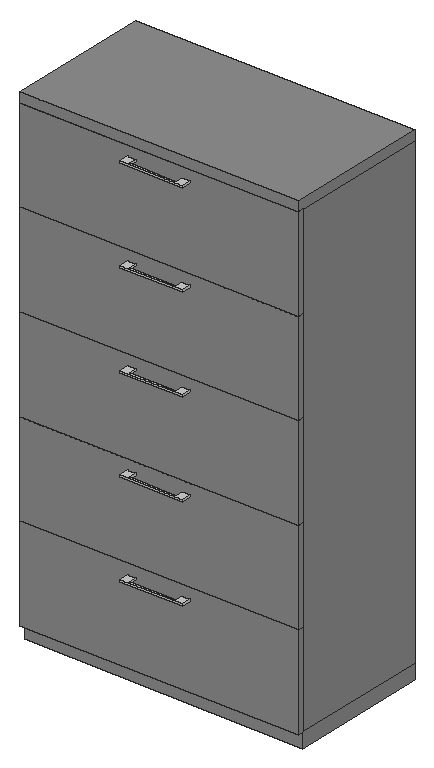
Revit family "Haworth_XSeries_LateralFile", category Furniture Systems, Revit 2019
Family settings
  Round Connector Dimension = Use Diameter
  Part Type = Normal
  OmniClass Number = 23.40.70.14.64.21
  OmniClass Title = Systems Furniture
  Work Plane-Based = No
  Always vertical = Yes
  Cut with Voids When Loaded = No
  Shared = No
  Room Calculation Point = No
Parameters (values of type "18d 36w 63h - Proud Style - Standard Drawer")
  Width = 36"
  Warranty = "https://cdn.shopify.com/s/files/1/0561/5304/7249/files/Haworth_North_America_Online_Warranty_2022.pdf?v=1660247284"
  URL - Product = "https://www.haworth.com/na/en/products/active-storage/x-series.html"
  URL = "http://www.haworth.com/"
  Two High = and(Actual # of Drawers = 2, not(One and One Half High))  # no
  Taper Pull = no
  Swing Doors_5 High Only = no
  Swing Door Width = Drawer Width / 2  # 17 15/16"
  Swing Door = and(Swing Doors_5 High Only, # of Drawers > 4)  # no
  Sustainability Info = "https://www.haworth.com/na/en/expertise/research/sustainability.html"
  Sliding Doors_5 High Only = no
  Sliding Door = and(Sliding Doors_5 High Only, # of Drawers > 4)  # no
  Size = "Verify Final Dim. w/ Haworth"  # constant formula
  Second Drawer Height = if(not(Drawer 5), (Cabinet Height - 1 1/4" - 1 7/8") / (Actual # of Drawers + 1), if(One and One Half High Actual, 6", (Cabinet Height - 1 1/4" - 1 7/8") / (Actual # of Drawers)))  # 12.075"
  Revision Number = "5"  # constant formula
  Receding Doors_5 High Only = no
  Receding Door = and(Receding Doors_5 High Only, # of Drawers > 4)  # no
  Radius Pull = no
  Pull Finish = Haworth _ Metal _ Brushed Aluminum
  Pull Classic = no
  Proud Style = not(Inset Style)  # yes
  Proud Offset = if(Proud Style, 3/4", 0")  # 3/4"
  One and One Half High Actual = and(# of Drawers = 2, One and One Half High)  # no
  One and One Half High = no
  Model = "JLRD"  # constant formula
  Min. Width = 29 7/8"  # constant formula
  Max. Width = 47 7/8"  # constant formula
  Min. Height = 27 1/2"  # constant formula
  Max. Height = 63 1/2"  # constant formula
  Manufacturer = "Haworth"  # constant formula
  Lockbar Finish [instance] = Haworth _ Paint _ Graphite
  Linear Pull = yes
  J Pull = no
  Inset Style = no
  Front Finish [instance] = Haworth _ Paint _ Graphite
  Ellipse Pull = no
  Drawer Width = if(Proud Style, Actual Width, Actual Width - 1 1/2")  # 35 7/8"
  Drawer Height = if(not(Drawer 5), (Cabinet Height - 1 1/4" - 1 7/8") / (Actual # of Drawers + 1), if(One and One Half High Actual, 12 3/16", (Cabinet Height - 1 1/4" - 1 7/8") / (Actual # of Drawers)))  # 12.075"
  Drawer 5 = not(and(or(Swing Doors_5 High Only, Sliding Doors_5 High Only, Receding Doors_5 High Only), # of Drawers > 4))  # yes
  Drawer 4 = Actual # of Drawers > 3  # yes
  Drawer 3 = Actual # of Drawers > 2  # yes
  Description = "Haworth XSeries Lateral File"  # constant formula
  Custom Size = not(or(Width = 30", Width = 36", Width = 42"))  # no
  Crescent Pull = no
  Cabinet Height = if(Two High, 27 1/2", if(One and One Half High Actual, 21 1/2", if(Actual # of Drawers = 3, 39 1/2", if(and(# of Drawers > 4, not(Drawer 5)), 63 1/2", if(Actual # of Drawers = 4, 51 1/2", 63 1/2")))))  # 63 1/2"
  Cabinet Finish [instance] = Haworth _ Paint _ Graphite
  Author = "Haworth (Hampton), SHAPE Environments, LLC"  # constant formula
  Assembly Code = "E2020200"
  Actual Width = if(Width < Min. Width, Min. Width, if(Width > Max. Width, Max. Width, Width - 1/8"))  # 35 7/8"
  Actual Height = Cabinet Height  # 63 1/2"
  Actual # of Drawers = if(# of Drawers < 2, 2, if(and(# of Drawers > 4, not(Drawer 5)), 4, if(# of Drawers > 5, 5, # of Drawers)))  # 5
  Actual Depth = if(Inset Style, 18", 18 3/4")  # 18 3/4"
  Standard Widths = "30, 36, 42 in."  # constant formula
  Max # of Drawers = 5  # constant formula
  # of Drawers = 5
Types (11): name | Two High | Swing Doors_5 High Only | Swing Door Width | Swing Door | Sliding Doors_5 High Only | Sliding Door | Second Drawer Height | Receding Doors_5 High Only | Receding Door | Proud Style | Proud Offset | Inset Style | Drawer Width | Drawer Height | Drawer 5 | Drawer 4 | Drawer 3 | Cabinet Height | Actual Height | Actual # of Drawers | Actual Depth | # of Drawers
  18d 36w 51h - Inset Style | no | no | 17 3/16" | no | no | no | 12 3/32" | no | no | no | 0" | yes | 34 3/8" | 12 3/32" | yes | yes | yes | 51 1/2" | 51 1/2" | 4 | 18" | 4
  18d 36w 39h - Inset Style | no | no | 17 3/16" | no | no | no | 12 1/8" | no | no | no | 0" | yes | 34 3/8" | 12 1/8" | yes | no | yes | 39 1/2" | 39 1/2" | 3 | 18" | 3
  18d 36w 27h - Inset Style | yes | no | 17 3/16" | no | no | no | 12 3/16" | no | no | no | 0" | yes | 34 3/8" | 12 3/16" | yes | no | no | 27 1/2" | 27 1/2" | 2 | 18" | 2
  18d 36w 63h - Inset Style - Standard Drawer | no | no | 17 3/16" | no | no | no | 12.075" | no | no | no | 0" | yes | 34 3/8" | 12.075" | yes | yes | yes | 63 1/2" | 63 1/2" | 5 | 18" | 5
  18d 36w 63h - Inset Style - Receding Door | no | no | 17 3/16" | no | no | no | 12.075" | yes | yes | no | 0" | yes | 34 3/8" | 12.075" | no | yes | yes | 63 1/2" | 63 1/2" | 4 | 18" | 5
  18d 36w 63h - Inset Style - Sliding Doors | no | no | 17 3/16" | no | yes | yes | 12.075" | no | no | no | 0" | yes | 34 3/8" | 12.075" | no | yes | yes | 63 1/2" | 63 1/2" | 4 | 18" | 5
  18d 36w 27h - Proud Style | yes | no | 17 15/16" | no | no | no | 12 3/16" | no | no | yes | 3/4" | no | 35 7/8" | 12 3/16" | yes | no | no | 27 1/2" | 27 1/2" | 2 | 18 3/4" | 2
  18d 36w 39h - Proud Style | no | no | 17 15/16" | no | no | no | 12 1/8" | no | no | yes | 3/4" | no | 35 7/8" | 12 1/8" | yes | no | yes | 39 1/2" | 39 1/2" | 3 | 18 3/4" | 3
  18d 36w 51h - Proud Style | no | no | 17 15/16" | no | no | no | 12 3/32" | no | no | yes | 3/4" | no | 35 7/8" | 12 3/32" | yes | yes | yes | 51 1/2" | 51 1/2" | 4 | 18 3/4" | 4
  18d 36w 63h - Proud Style - Standard Drawer | no | no | 17 15/16" | no | no | no | 12.075" | no | no | yes | 3/4" | no | 35 7/8" | 12.075" | yes | yes | yes | 63 1/2" | 63 1/2" | 5 | 18 3/4" | 5
  18d 36w 63h - Proud Style - Hinged Doors | no | yes | 17 15/16" | yes | no | no | 12.075" | no | no | yes | 3/4" | no | 35 7/8" | 12.075" | no | yes | yes | 63 1/2" | 63 1/2" | 4 | 18 3/4" | 5
Reference planes (in)
  plane 1 "Back": y = 0
  plane 2: z = 0
  plane 3 "Center L/R": x = 0
  plane 4 "Left": x = -17.9375
  plane 5 "Right": x = 17.9375
  plane 6 "Back of Drawer": y = -18
  plane 7 "Front": y = -18.75
  plane 8 "Top": z = 63.5
  plane 9 "Bottom of Top": z = 62.25
  plane 10 "Bottom of Cabinet": z = 0
  plane 11 "feet back": y = -0.75
  plane 12 "feet front": y = -16
  plane 13 "Feet Right": x = 15.9375
  plane 14 "Feet Left": x = -15.9375
  plane 15 "Bottom Drawer": z = 1.875
  plane 16 "Left Inside": x = -17.1875
  plane 17 "Right Inside": x = 17.1875
  plane 18: y = -18
  plane 19 "Center F/B": y = -9
Forms (in)
  Extrusion 1, solid, material "Haworth _ Paint _ Graphite" <- "Cabinet Finish"
    sketch origin (114.68227, -6.06265, 0) x (1, 0, 0) y (0, 1, 0)
      loop
        line (-132.61977, 6.06265) -> (-132.61977, -11.93735) -> (-131.86977, -11.93735) -> (-131.86977, 5.31265) -> (-97.49477, 5.31265) -> (-97.49477, -11.93735) -> (-96.74477, -11.93735) -> (-96.74477, 6.06265) -> (-132.61977, 6.06265)
    from 1.875 to 62.25
  Extrusion 2, solid, material "Haworth _ Paint _ Graphite" <- "Cabinet Finish"
    sketch origin (0, 0, 0) x (1, 0, 0) y (0, 1, 0)
      loop
        line (-17.9375, 0) -> (-17.9375, -18.75) -> (17.9375, -18.75) -> (17.9375, 0) -> (-17.9375, 0)
    from 62.25 to 63.5
  Extrusion 3, solid, material "Haworth _ Paint _ Graphite" <- "Cabinet Finish"
    sketch origin (0, 0, -18.75) x (1, 0, 0) y (0, 1, 0)
      loop
        line (-17.9375, 0) -> (-17.9375, -18) -> (17.9375, -18) -> (17.9375, 0) -> (-17.9375, 0)
    from 18.75 to 20.625
Lines and regions (in)
  Masking region 1
    outline origin (0, 0, 0) x (1, 0, 0) y (0, 1, 0)
      loop
        line (-17.9375, 0) -> (-17.9375, -18.75) -> (17.9375, -18.75) -> (17.9375, 0) -> (-17.9375, 0)
Dimensions and locks (in)
  locked: plane 6 "Back of Drawer" to plane 7 "Front" at 0.75
  "Actual Depth": plane 1 "Back" to plane 7 "Front"
  "Actual Width": plane 4 "Left" to plane 5 "Right"
  locked: plane 8 "Top" to plane 9 "Bottom of Top" at 1.25
  equal spacing: plane 4 "Left", plane 3 "Center L/R", plane 5 "Right"
  locked: plane 13 "Feet Right" to plane 5 "Right" at 2
  locked: plane 4 "Left" to plane 14 "Feet Left" at 2
  locked: plane 12 "feet front" to plane 6 "Back of Drawer" at 2
  locked: plane 1 "Back" to plane 11 "feet back" at 0.75
  locked: plane 15 "Bottom Drawer" to plane 10 "Bottom of Cabinet" at 1.875
  "Actual Height": plane 8 "Top" to level
  "Cabinet Height": plane 8 "Top" to plane 10 "Bottom of Cabinet"
  locked: plane 16 "Left Inside" to plane 4 "Left" at 0.75
  locked: plane 5 "Right" to plane 17 "Right Inside" at 0.75
  "Proud Offset": plane 18 to plane 7 "Front"
  equal spacing: plane 18, plane 19 "Center F/B", plane 1 "Back"
  aligned and locked: plane 1 "Back" to Extrusion 1 sketch curve
  aligned and locked: Extrusion 1 to plane 4 "Left"
  aligned and locked: Extrusion 1 to plane 5 "Right"
  aligned and locked: plane 9 "Bottom of Top" to Extrusion 1
  aligned and locked: plane 4 "Left" to Extrusion 2 sketch curve
  aligned and locked: plane 1 "Back" to Extrusion 2 sketch curve
  aligned and locked: plane 5 "Right" to Extrusion 2 sketch curve
  aligned and locked: plane 7 "Front" to Extrusion 2 sketch curve
  aligned and locked: plane 8 "Top" to Extrusion 2
  aligned and locked: Extrusion 2 to plane 9 "Bottom of Top"
  aligned and locked: plane 3 "Center L/R" to nested 1
  aligned and locked: nested 1 to plane 6 "Back of Drawer"
  aligned and locked: level to plane 2
  aligned and locked: plane 15 "Bottom Drawer" to nested 1
  aligned and locked: plane 5 "Right" to Extrusion 1 sketch curve
  aligned and locked: plane 4 "Left" to Extrusion 1 sketch curve
  aligned and locked: Extrusion 1 sketch curve to plane 18  (x2)
  aligned and locked: Extrusion 1 sketch curve to plane 16 "Left Inside"
  aligned and locked: Extrusion 1 sketch curve to plane 17 "Right Inside"
  aligned and locked: Extrusion 1 to plane 15 "Bottom Drawer"
  aligned and locked: plane 10 "Bottom of Cabinet" to Extrusion 3
  aligned and locked: plane 15 "Bottom Drawer" to Extrusion 3
  aligned and locked: plane 4 "Left" to Extrusion 3 sketch curve
  aligned and locked: plane 5 "Right" to Extrusion 3 sketch curve
  aligned and locked: plane 6 "Back of Drawer" to Extrusion 3 sketch curve
  aligned and locked: plane 1 "Back" to Extrusion 3 sketch curve
  aligned and locked: Masking region 1 sketch curve to Extrusion 2  (x2)
  aligned and locked: Extrusion 2 to Masking region 1 sketch curve
  aligned and locked: nested 1 to nested 2
  aligned and locked: nested 3 to plane 6 "Back of Drawer"
  aligned and locked: plane 9 "Bottom of Top" to nested 3
  aligned: plane 3 "Center L/R" to nested 3
  aligned and locked: nested 3 to plane 3 "Center L/R"
  aligned and locked: nested 4 to plane 9 "Bottom of Top"
  aligned and locked: nested 4 to plane 3 "Center L/R"
  aligned and locked: plane 9 "Bottom of Top" to nested 5
  aligned and locked: plane 3 "Center L/R" to nested 5
  aligned and locked: plane 6 "Back of Drawer" to nested 5
  aligned and locked: plane 3 "Center L/R" to nested 6
  aligned and locked: plane 9 "Bottom of Top" to nested 6
  aligned and locked: Extrusion 1 to plane 11 "feet back"
  aligned and locked: plane 3 "Center L/R" to nested 7
  aligned and locked: plane 3 "Center L/R" to nested 2
  aligned and locked: plane 3 "Center L/R" to nested 8
  aligned and locked: nested 8 to plane 7 "Front"
  aligned and locked: nested 7 to plane 7 "Front"
  aligned and locked: nested 2 to plane 7 "Front"
  aligned and locked: nested 6 to plane 7 "Front"
  aligned and locked: plane 7 "Front" to nested 4
  aligned and locked: plane 3 "Center L/R" to nested 9
  aligned and locked: plane 9 "Bottom of Top" to nested 9
  aligned and locked: nested 9 to plane 7 "Front"
Automatic sketch dimensions
  plane 1 "Back" to Extrusion 1 sketch curve = 3/4"
  plane 1 "Back" to Masking region 1 sketch curve = 0"
Nested families (in)
  nested 1: "Haworth_Drawer" at (0, -18, 1.875), Drawer Height <- "Drawer Height", type "Haworth_Drawer"
    with J Pull Drawer no, Drawer Height 12.075", Pull Linear yes, Pull Height 1 7/16", Pull Ellipse no, Drawer Width 35 7/8"
  nested 2: "Haworth_Drawer" at (0, -18, 13.95), Drawer Height <- "Second Drawer Height", type "Haworth_Drawer 2"
    with J Pull Drawer no, Drawer Height 12.075", Pull Linear yes, Pull Height 1 7/16", Pull Ellipse no, Drawer Width 35 7/8"
  nested 3: "Haworth_Drawer" at (-8.96875, -18, 50.175), Drawer Height <- "Drawer Height", visible <- "Swing Door", type "Swing Doors"
    with J Pull Drawer no, Drawer Height 12.075", Pull Linear yes, Pull Height 1 7/16", Pull Ellipse no, Drawer Width 17 15/16"
  nested 4: "Haworth_Drawer" at (8.96875, -18, 50.175) x (-1, 0, 0) z (0, 0, 1), Drawer Height <- "Drawer Height", visible <- "Swing Door", type "Swing Doors"
    with J Pull Drawer no, Drawer Height 12.075", Pull Linear yes, Pull Height 1 7/16", Pull Ellipse no, Drawer Width 17 15/16"
  nested 5: "Haworth_Storage-Doors" at (-2.20902, -19.25, 50.175), visible <- "Sliding Door", type "Haworth_Storage-Doors"
    with Door Width 18 7/16", Actual Width 35 7/8", Actual Height 12.075"
  nested 6: "Haworth_Drawer-Receding" at (0, -18, 50.175), Drawer Height <- "Second Drawer Height", visible <- "Receding Door", type "Haworth_Drawer"
    with J Pull Drawer no, Drawer Height 12.075", J Pull no, Drawer Width 35 7/8", Flush Drawer yes
  nested 7: "Haworth_Drawer" at (0, -18, 26.025), Drawer Height <- "Drawer Height", visible <- "Drawer 3", type "Haworth_Drawer"
    with J Pull Drawer no, Drawer Height 12.075", Pull Linear yes, Pull Height 1 7/16", Pull Ellipse no, Drawer Width 35 7/8"
  nested 8: "Haworth_Drawer" at (0, -18, 38.1), Drawer Height <- "Drawer Height", visible <- "Drawer 4", type "Haworth_Drawer"
    with J Pull Drawer no, Drawer Height 12.075", Pull Linear yes, Pull Height 1 7/16", Pull Ellipse no, Drawer Width 35 7/8"
  nested 9: "Haworth_Drawer" at (0, -18, 50.175), Drawer Height <- "Drawer Height", visible <- "Drawer 5", type "Haworth_Drawer"
    with J Pull Drawer no, Drawer Height 12.075", Pull Linear yes, Pull Height 1 7/16", Pull Ellipse no, Drawer Width 35 7/8"
Definition of nested family "Haworth_Drawer"
  Parameters
    Pull Taper = no
    Pull Radius = no
    Pull Patterns = no
    Pull Linear = no
    Pull Height = if(Pull Ellipse, 11/64", if(Pull Radius, 1 3/16", if(Pull Taper, 3/4", 1 7/16")))  # 11/64"
    Pull Finish = none
    Pull Ellipse = yes
    Pull Crescent = no
    Pull Classic = no
    J Pull Drawer [instance] = J Pull  # no
    J Pull = no
    Integral Pull Location = if(Integral Pull, 3 5/8", 1")  # 1"
    Integral Pull = no
    Front Finish = none
    Drawer Width = 14 7/8"
    Flush Drawer = not(J Pull)  # yes
    Drawer Height [instance] = 12"
    Drawer Finish = none
    Assembly Code = ""
  Reference planes (in)
    plane 1 "Drawer Back": y = 0
    plane 2: z = 0
    plane 3 "Center L/R": x = 0
    plane 4 "Drawer Front": y = -0.75
    plane 5 "Left": x = -7.4375
    plane 6 "Right": x = 7.4375
    plane 7 "Top": z = 12
    plane 8: y = -4
    plane 9: y = -3
    plane 10 "Integral Top": z = 11.54688
    plane 11 "Pull Location": z = 11.82813
    plane 12 "Integral Bottom": z = 12.10937
  Forms (in)
    Extrusion 1, solid, material <- "Drawer Finish", visible <- "J Pull Drawer"
      sketch origin (-7.4375, 0, 0) x (0, 1, 0) y (0, 0, 1)
        loop
          line (0, 12) -> (-0.25, 12) -> (-0.25, 11.4375) -> (-0.75, 11.4375) -> (-0.75, 0) -> (0, 0) -> (0, 12)
      from 0 to 14.875
    Extrusion 2, solid, material <- "Drawer Finish", visible <- "Flush Drawer"
      sketch origin (-7.4375, 0, 2.25) x (0, 1, 0) y (0, 0, 1)
        loop
          line (0, 9.75) -> (-0.75, 9.75) -> (-0.75, -2.25) -> (0, -2.25) -> (0, 9.75)
      from 0 to 14.875
    Extrusion 3, void
      sketch origin (0, -0.75, 0) x (-1, 0, 0) y (0, 0, 1)
        loop
          line (4, 11.54688) -> (4, 12.10937) -> (-4, 12.10937) -> (-4, 11.54688) -> (4, 11.54688)
      from -3.25 to -2.25
  Cuts and joins
    Extrusion 3 cuts Extrusion 1
    Extrusion 3 cuts Extrusion 2
  Dimensions and locks (in)
    equal spacing: plane 5 "Left", plane 3 "Center L/R", plane 6 "Right"
    "Drawer Width": plane 5 "Left" to plane 6 "Right"
    locked: plane 1 "Drawer Back" to plane 4 "Drawer Front" at 0.75
    "Drawer Height": plane 7 "Top" to level
    locked: plane 8 to plane 1 "Drawer Back" at 4
    "Integral Pull Location": plane 8 to plane 9
    equal spacing: Extrusion 3 sketch curve, plane 3 "Center L/R", Extrusion 3 sketch curve
    locked: Extrusion 3 sketch curve to Extrusion 3 sketch curve at 8
    "Pull Height": plane 7 "Top" to plane 11 "Pull Location"
    equal spacing: plane 12 "Integral Bottom", plane 11 "Pull Location", plane 10 "Integral Top"
    locked: plane 12 "Integral Bottom" to plane 10 "Integral Top" at 0.5625
    aligned and locked: Extrusion 1 sketch curve to plane 1 "Drawer Back"
    aligned and locked: Extrusion 1 sketch curve to plane 2
    aligned and locked: Extrusion 1 sketch curve to plane 4 "Drawer Front"
    aligned and locked: Extrusion 1 to plane 6 "Right"
    aligned and locked: Extrusion 2 to plane 6 "Right"
    aligned and locked: plane 1 "Drawer Back" to Extrusion 2 sketch curve
    aligned and locked: plane 7 "Top" to Extrusion 2 sketch curve
    aligned and locked: level to Extrusion 2 sketch curve
    aligned and locked: Extrusion 2 sketch curve to plane 4 "Drawer Front"
    aligned: plane 7 "Top" to nested 1
    aligned: Extrusion 3 to plane 8
    aligned: plane 9 to Extrusion 3
    aligned and locked: nested 1 to plane 4 "Drawer Front"
    aligned and locked: plane 12 "Integral Bottom" to Extrusion 3 sketch curve
    aligned and locked: nested 1 to plane 11 "Pull Location"
    aligned and locked: plane 3 "Center L/R" to nested 1
    aligned and locked: plane 9 to Extrusion 3
  Automatic sketch dimensions
    Extrusion 1 sketch curve to plane 7 "Top" = 0"
    plane 1 "Drawer Back" to Extrusion 1 sketch curve = 1/4"
    Extrusion 1 sketch curve to Extrusion 1 sketch curve = 9/16"
    Extrusion 3 sketch curve to plane 10 "Integral Top" = 0"
  Nested families (in)
    nested 1: "Haworth_Drawer-Pulls" at (0, -0.75, 11.82813), type "Pull", detail levels medium+fine
      with Linear no, Ellipse yes
  Definition of nested family "Haworth_Drawer-Pulls"
    Parameters
      Taper = no
      Radius = no
      Patterns = no
      Linear = yes
      Handle Finish = none
      Ellipse = no
      Cresent = no
      Classic = no
      Assembly Code = ""
    Reference planes (in)
      plane 1 "Center Front/Back": y = 0
      plane 2: z = 0
      plane 3 "Center Left/Right": x = 0
    Forms (in)
      Extrusion 1, solid, material <- "Handle Finish", visible <- "Ellipse"
        sketch origin (0, 0, 0.15915) x (0, 1, 0) y (0, 0, 1)
          loop
            arc (-0.03015, 0) -> (-0.26713, -0.02983) -> (-0.49038, -0.11475) r 1.00501
            arc (-0.49038, -0.11475) -> (-0.65216, -0.22112) -> (-0.78985, -0.35725) r 0.97894
            arc (-0.78985, -0.35725) -> (-0.87314, -0.47263) -> (-0.94033, -0.59807) r 1.0667
            arc (-0.94033, -0.59807) -> (-0.90977, -0.66145) -> (-0.84562, -0.63254) r 0.05041
            arc (-0.84562, -0.63254) -> (-0.67669, -0.39049) -> (-0.44702, -0.20509) r 1.04885
            arc (-0.44702, -0.20509) -> (-0.35012, -0.16094) -> (-0.24858, -0.12892) r 0.8735
            arc (-0.24858, -0.12892) -> (-0.16053, -0.15188) -> (-0.11419, -0.23018) r 0.11948
            arc (-0.11419, -0.23018) -> (-0.0664, -0.27738) -> (0, -0.26729) r 0.07488
            line (0, -0.26729) -> (0, -0.05102) -> (-0.03015, 0)
        from -6.51863 to 6.51698
      Extrusion 2, void
        sketch origin (0, 0, 0.15915) x (1, 0, 0) y (0, 1, 0)
          loop
            line (-6.49996, 0) -> (-6.67266, 0) -> (-6.67266, -1.11616) -> (6.67266, -1.11616) -> (6.67266, 0) -> (6.49996, 0)
            arc (6.49996, 0) -> (6.46575, -0.17809) -> (6.37201, -0.33332) r 0.51574
            arc (6.37201, -0.33332) -> (6.23583, -0.44508) -> (6.07096, -0.50713) r 0.54076
            arc (6.07096, -0.50713) -> (4.5721, -0.7479) -> (3.05951, -0.87689) r 20.46435
            arc (3.05951, -0.87689) -> (0, -0.95029) -> (-3.05951, -0.87689) r 63.79827
            arc (-3.05951, -0.87689) -> (-4.5721, -0.7479) -> (-6.07096, -0.50713) r 20.46435
            arc (-6.07096, -0.50713) -> (-6.23583, -0.44508) -> (-6.37201, -0.33332) r 0.54076
            arc (-6.37201, -0.33332) -> (-6.46575, -0.17809) -> (-6.49996, 0) r 0.51574
        from 0 to -0.90865
      Blend 3, solid, material <- "Handle Finish", visible <- "Radius"
        base sketch origin (0, 0, 0.3125) x (0, 1, 0) y (0, 0, -1)
          loop
            line (0, 0) -> (0, 0.625) -> (-0.40339, 0.625)
            arc (-0.40339, 0.625) -> (-0.71589, 0.3125) -> (-0.40339, 0) r 0.3125
            line (-0.40339, 0) -> (0, 0)
        top sketch origin (0, 0, 0.3125) x (0, 1, 0) y (0, 0, -1)
          loop
            line (0, 0) -> (0, 0.625) -> (-0.77884, 0.625)
            arc (-0.77884, 0.625) -> (-1.09134, 0.3125) -> (-0.77884, 0) r 0.3125
            line (-0.77884, 0) -> (0, 0)
        from -4.875 to -3.625
      Sweep 4, solid, material <- "Handle Finish", visible <- "Radius"
        path origin (0, 0, 0) x (1, 0, 0) y (0, 1, 0)
          loop
            arc (-4.875, -0.71589) -> (0, -1.5425) -> (4.875, -0.71589) r 14.78881
        profile origin (0, -1.5425, 0) x (0, 1, 0) y (0, 0, 1)
          loop
            circle (0.3125, 0) r 0.30469
      Extrusion 5, solid, material <- "Handle Finish", visible <- "Taper"
        sketch origin (0, 0, 0.27281) x (0, 1, 0) y (0, 0, 1)
          loop
            line (0, 0) -> (-0.875, 0)
            arc (-0.875, 0) -> (-0.96339, -0.03661) -> (-1, -0.125) r 0.125
            line (-1, -0.125) -> (-1, -0.7) -> (-0.96886, -0.7) -> (-0.96886, -0.1251)
            arc (-0.96886, -0.1251) -> (-0.94137, -0.05874) -> (-0.875, -0.03125) r 0.09386
            line (-0.875, -0.03125) -> (-0.03125, -0.03125) -> (-0.03125, -0.53) -> (0, -0.53) -> (0, 0)
        from -6.5565 to 6.5565
      Extrusion 6, void
        sketch origin (0, 0, 0.27281) x (1, 0, 0) y (0, 0, 1)
          loop
            arc (-5.23353, -0.7191) -> (-5.99714, -0.52453) -> (-6.57454, 0.01172) r 1.59575
            line (-6.57454, 0.01172) -> (-6.85981, 0.01172) -> (-6.85981, -1) -> (6.85981, -1) -> (6.85981, 0.01172) -> (6.57454, 0.01172)
            arc (6.57454, 0.01172) -> (5.99714, -0.52453) -> (5.23353, -0.7191) r 1.59575
            line (5.23353, -0.7191) -> (-5.23353, -0.7191)
        from 0 to 2.20115
      Sweep 7, solid, material <- "Handle Finish", visible <- "Cresent"
        path origin (0, 0, 0.125) x (1, 0, 0) y (0, 1, 0)
          loop
            arc (-3.80272, 0.04) -> (0, -1.24998) -> (3.80273, 0.04) r 6.25
        profile origin (0, -1.24998, 0.125) x (0, 1, 0) y (0, 0, 1)
          loop
            circle (0.125, -0.125) r 0.125
      Extrusion 8, void
        sketch origin (0, 0, 0.125) x (1, 0, 0) y (0, 1, 0)
          loop
            line (-3.94545, 0) -> (3.94399, 0) -> (3.94399, 0.32073) -> (-3.94545, 0.32073) -> (-3.94545, 0)
        from 0.03472 to -0.28458
      Extrusion 9, solid, material <- "Handle Finish", visible <- "Linear"
        sketch origin (0, 0, 0.125) x (1, 0, 0) y (0, 1, 0)
          loop
            line (-4, 0) -> (-4, -1.25) -> (4, -1.25) -> (4, 0) -> (3, 0) -> (3, -1) -> (-3, -1) -> (-3, 0) -> (-4, 0)
        from 0 to -0.25
      Extrusion 10, solid, material <- "Handle Finish", visible <- "Classic"
        sketch origin (0, 0, 0.375) x (1, 0, 0) y (0, 0, 1)
          loop
            line (-3.375, 0) -> (-3.375, -0.75)
            arc (-3.375, -0.75) -> (-3, -0.375) -> (-3.375, 0) r 0.375
        from 0 to 1
      Extrusion 11, solid, material <- "Handle Finish", visible <- "Classic"
        sketch origin (0, 0, 0.375) x (-1, 0, 0) y (0, 0, -1)
          loop
            arc (-3.375, 0) -> (-3, 0.375) -> (-3.375, 0.75) r 0.375
            line (-3.375, 0.75) -> (-3.375, 0)
        from 0 to 1
      Extrusion 12, solid, material <- "Handle Finish", visible <- "Classic"
        sketch origin (0, 0, 0.375) x (1, 0, 0) y (0, 0, 1)
          loop
            line (-3.375, 0) -> (-3.375, -0.75) -> (3.375, -0.75) -> (3.375, 0) -> (-3.375, 0)
        from 1 to 1.25
      Blend 13, solid, material <- "Handle Finish", visible <- "Radius"
        base sketch origin (0, 0, 0.3125) x (0, 1, 0) y (0, 0, 1)
          loop
            line (0, 0) -> (-0.40339, 0)
            arc (-0.40339, 0) -> (-0.71589, -0.3125) -> (-0.40339, -0.625) r 0.3125
            line (-0.40339, -0.625) -> (0, -0.625) -> (0, 0)
        top sketch origin (0, 0, 0.3125) x (0, 1, 0) y (0, 0, 1)
          loop
            line (0, 0) -> (-0.77884, 0)
            arc (-0.77884, 0) -> (-1.09134, -0.3125) -> (-0.77884, -0.625) r 0.3125
            line (-0.77884, -0.625) -> (0, -0.625) -> (0, 0)
        from -4.875 to -3.625
      Extrusion 14, solid, material <- "Handle Finish", visible <- "Patterns"
        sketch origin (0, 0, 0.27281) x (0, 1, 0) y (0, 0, 1)
          loop
            line (0, 0) -> (-0.875, 0)
            arc (-0.875, 0) -> (-0.96339, -0.03661) -> (-1, -0.125) r 0.125
            line (-1, -0.125) -> (-1, -0.7) -> (-0.96886, -0.7) -> (-0.96886, -0.1251)
            arc (-0.96886, -0.1251) -> (-0.94137, -0.05874) -> (-0.875, -0.03125) r 0.09386
            line (-0.875, -0.03125) -> (-0.03125, -0.03125) -> (-0.03125, -0.53) -> (0, -0.53) -> (0, 0)
        from -4 to 4
    Cuts and joins
      Extrusion 2 cuts Extrusion 1
      joined: Extrusion 10, Extrusion 11, Extrusion 12
      Extrusion 6 cuts Extrusion 5
      Extrusion 8 cuts Sweep 7
      joined: Blend 3, Sweep 4, Blend 13
Definition of nested family "Haworth_Storage-Doors"
  Parameters
    Width = 0"
    Warranty = ""
    Sliding Door = yes
    URL - Product = ""
    URL = "www.haworth.com"
    Sustainability Info = ""
    Size = "Verify Final Dim. w/ Haworth"  # constant formula
    Revision Number = ""
    Pull Location = 2"
    Pull Finish = none
    Panel Thickness = 1"
    Overlap = 1"
    OmniClass Number = ""
    Min/Max Width = ""
    Min/Max Height = ""
    Min. Width = 0"
    Max. Width = 0"
    Min. Height = 0"
    Max. Height = 0"
    Material Options = ""
    Manufacturer = "Haworth"  # constant formula
    LEED Data = ""
    Height = 0"
    Flip Door = no
    Door Width = ((Actual Width) / 2) + (Overlap / 2)  # 26 1/2"
    Door Finish = none
    Author = "SHAPE Environments, LLC"  # constant formula
    Assembly Code = ""
    Actual Width = 52"
    Actual Height = 8"
  Reference planes (in)
    plane 1 "Center F/B": y = 0
    plane 2: z = 0
    plane 3 "Center L/R": x = 2.20902
    plane 4 "Bottom": z = 0
    plane 5 "Top": z = 8
    plane 6 "Left": x = -23.79098
    plane 7 "Right": x = 28.20902
    plane 8 "Left Pull": x = -21.79098
    plane 9 "Right Panel Left Limit": x = 1.70902
    plane 10 "Left Panel Right Limit": x = 2.70902
    plane 11 "Right Pull": x = 26.20902
    plane 12 "Outer Top": z = 9
    plane 13 "Outer Bottom": z = -1
    plane 14 "Outer Left": x = -24.79098
    plane 15 "Outer Right": x = 29.20902
    plane 16 "RearSlidingSurface": y = 1
    plane 17 "Handle Center": z = 4
    plane 18 "FrontSlidingSurface": y = 0.75
  Forms (in)
    Extrusion 1, solid, material <- "Door Finish", visible <- "Sliding Door"
      sketch origin (-5.83785, 0.25, -31.75) x (-1, 0, 0) y (0, 0, 1)
        loop
          line (-7.54688, 39.75) -> (-34.04688, 39.75) -> (-34.04688, 31.75) -> (-7.54688, 31.75) -> (-7.54688, 39.75)
      from 1 to 0.75
    Extrusion 2, solid, material <- "Door Finish", visible <- "Sliding Door"
      sketch origin (-19.83785, 0.25, -31.75) x (-1, 0, 0) y (0, 0, 1)
        loop
          line (3.95312, 39.75) -> (-22.54687, 39.75) -> (-22.54687, 31.75) -> (3.95312, 31.75) -> (3.95312, 39.75)
      from 0.5 to 0.75
    Extrusion 3, solid, material <- "Door Finish", visible <- "Flip Door"
      sketch origin (0, 0, 0) x (1, 0, 0) y (0, 0, 1)
        loop
          line (-24.79098, 9) -> (-24.79098, -1) -> (29.20902, -1) -> (29.20902, 9) -> (-24.79098, 9)
      from 0 to 1
  Dimensions and locks (in)
    "Actual Width": plane 7 "Right" to plane 6 "Left"
    equal spacing: plane 7 "Right", plane 3 "Center L/R", plane 6 "Left"
    "Actual Height": plane 5 "Top" to plane 4 "Bottom"
    "Pull Location": plane 8 "Left Pull" to plane 6 "Left"
    "Pull Location": plane 7 "Right" to plane 11 "Right Pull"
    "Panel Thickness": plane 12 "Outer Top" to plane 5 "Top"
    "Panel Thickness": level to plane 13 "Outer Bottom"
    "Panel Thickness": plane 6 "Left" to plane 14 "Outer Left"
    "Panel Thickness": plane 15 "Outer Right" to plane 7 "Right"
    locked: plane 1 "Center F/B" to plane 16 "RearSlidingSurface" at 1
    equal spacing: plane 5 "Top", plane 17 "Handle Center", level
    "Door Width": plane 6 "Left" to plane 10 "Left Panel Right Limit"
    "Door Width": plane 9 "Right Panel Left Limit" to plane 7 "Right"
    plane 9 "Right Panel Left Limit" to plane 10 "Left Panel Right Limit" = 1"
    locked: plane 18 "FrontSlidingSurface" to plane 16 "RearSlidingSurface" at 0.25
    aligned and locked: plane 5 "Top" to Extrusion 2
    aligned and locked: Extrusion 2 to plane 4 "Bottom"
    aligned and locked: plane 5 "Top" to Extrusion 1
    aligned and locked: Extrusion 1 to plane 4 "Bottom"
    aligned and locked: plane 10 "Left Panel Right Limit" to Extrusion 2
    aligned and locked: Extrusion 1 to plane 9 "Right Panel Left Limit"
    aligned and locked: plane 14 "Outer Left" to Extrusion 3 sketch curve
    aligned and locked: Extrusion 3 sketch curve to plane 12 "Outer Top"
    aligned and locked: plane 13 "Outer Bottom" to Extrusion 3 sketch curve
    aligned and locked: Extrusion 3 sketch curve to plane 15 "Outer Right"
    aligned and locked: plane 8 "Left Pull" to nested 1
    aligned and locked: plane 11 "Right Pull" to nested 2
    aligned: plane 17 "Handle Center" to nested 1
    aligned: plane 16 "RearSlidingSurface" to nested 1
    aligned and locked: plane 16 "RearSlidingSurface" to nested 2
    aligned and locked: plane 18 "FrontSlidingSurface" to nested 1
    aligned and locked: plane 17 "Handle Center" to nested 1
    aligned and locked: plane 17 "Handle Center" to nested 2
  Automatic sketch dimensions
    Extrusion 1 sketch curve to plane 7 "Right" = 0"
    Extrusion 1 sketch curve to plane 3 "Center L/R" = 1/2"
    plane 4 "Bottom" to Extrusion 1 sketch curve = 0"
    Extrusion 1 sketch curve to plane 5 "Top" = 0"
    Extrusion 2 sketch curve to plane 5 "Top" = 0"
    plane 3 "Center L/R" to Extrusion 2 sketch curve = 1/2"
    plane 6 "Left" to Extrusion 2 sketch curve = 0"
    plane 4 "Bottom" to Extrusion 2 sketch curve = 0"
  Nested families (in)
    nested 1: "Haworth_Handle" at (-21.79098, 0.75, 4), visible <- "Sliding Door", type "Haworth_Handle"
      with Handle Length 5 7/8", Door Height 8"
    nested 2: "Haworth_Handle" at (26.20902, 1, 4), visible <- "Sliding Door", type "Haworth_Handle"
      with Handle Length 5 7/8", Door Height 8"
  Definition of nested family "Haworth_Handle"
    Parameters
      Handle Length = Door Height - 2 1/8"  # 11 1/2"
      Handle Finish = none
      Door Height = 13 5/8"
      Assembly Code = ""
    Reference planes (in)
      plane 1 "Center (Front/Back)": y = 0
      plane 2: z = 0
      plane 3 "Center (Left/Right)": x = 0
      plane 4: z = 5.75
      plane 5: z = -5.75
      plane 6: z = 0
    Forms (in)
      Extrusion 1, solid, material <- "Handle Finish"
        sketch origin (0, 0, 0) x (1, 0, 0) y (0, 1, 0)
          loop
            line (-0.125, -0.5) -> (0.125, -0.5) -> (0.1875, 0) -> (-0.1875, 0) -> (-0.125, -0.5)
        from -5.75 to 5.75
    Dimensions and locks (in)
      equal spacing: plane 4, level, plane 5
      "Handle Length": plane 4 to plane 5
      aligned and locked: plane 4 to Extrusion 1
      aligned and locked: Extrusion 1 to plane 5
      aligned and locked: level to plane 6
    Automatic sketch dimensions
      plane 1 "Center (Front/Back)" to Extrusion 1 sketch curve = 0"
      Extrusion 1 sketch curve to plane 3 "Center (Left/Right)" = 3/16"
      Extrusion 1 sketch curve to plane 3 "Center (Left/Right)" = 1/8"
      plane 3 "Center (Left/Right)" to Extrusion 1 sketch curve = 1/8"
      plane 3 "Center (Left/Right)" to Extrusion 1 sketch curve = 3/16"
      plane 1 "Center (Front/Back)" to Extrusion 1 sketch curve = 1/2"
Definition of nested family "Haworth_Drawer-Receding"
  Parameters
    Pull Height = 1 7/16"
    Pull Finish = none
    J Pull Drawer [instance] = J Pull  # yes
    J Pull = yes
    Integral Pull Location = if(Integral Pull, 3 5/8", 1")  # 1"
    Integral Pull = no
    Front Finish = none
    Drawer Width = 28 3/8"
    Flush Drawer = not(J Pull)  # no
    Drawer Height [instance] = 12"
    Drawer Finish = none
    Assembly Code = ""
  Reference planes (in)
    plane 1 "Drawer Back": y = 0
    plane 2: z = 0
    plane 3 "Center L/R": x = 0
    plane 4 "Drawer Front": y = -0.75
    plane 5 "Left": x = -14.1875
    plane 6 "Right": x = 14.1875
    plane 7 "Top": z = 12
    plane 8: y = -4
    plane 9: y = -3
    plane 10 "Integral Top": z = 1.15625
    plane 11 "Pull Location": z = 1.4375
    plane 12 "Integral Bottom": z = 1.71875
  Forms (in)
    Extrusion 1, solid, material <- "Drawer Finish", visible <- "J Pull Drawer"
      sketch origin (-14.1875, 0, 0) x (0, 1, 0) y (0, 0, 1)
        loop
          line (0, 0) -> (0, 12) -> (-0.75, 12) -> (-0.75, 0.5625) -> (-0.25, 0.5625) -> (-0.25, 0) -> (0, 0)
      from 0 to 28.375
    Extrusion 2, solid, material <- "Drawer Finish", visible <- "Flush Drawer"
      sketch origin (-14.1875, 0, 2.25) x (0, 1, 0) y (0, 0, 1)
        loop
          line (0, 9.75) -> (-0.75, 9.75) -> (-0.75, -2.25) -> (0, -2.25) -> (0, 9.75)
      from 0 to 28.375
    Extrusion 3, void
      sketch origin (0, -0.75, 0) x (-1, 0, 0) y (0, 0, 1)
        loop
          line (4, 1.15625) -> (4, 1.71875) -> (-4, 1.71875) -> (-4, 1.15625) -> (4, 1.15625)
      from -3.25 to -2.25
  Cuts and joins
    Extrusion 3 cuts Extrusion 1
    Extrusion 3 cuts Extrusion 2
  Dimensions and locks (in)
    equal spacing: plane 5 "Left", plane 3 "Center L/R", plane 6 "Right"
    "Drawer Width": plane 5 "Left" to plane 6 "Right"
    locked: plane 1 "Drawer Back" to plane 4 "Drawer Front" at 0.75
    "Drawer Height": plane 7 "Top" to level
    locked: plane 8 to plane 1 "Drawer Back" at 4
    "Integral Pull Location": plane 8 to plane 9
    equal spacing: Extrusion 3 sketch curve, plane 3 "Center L/R", Extrusion 3 sketch curve
    locked: Extrusion 3 sketch curve to Extrusion 3 sketch curve at 8
    "Pull Height": plane 11 "Pull Location" to level
    equal spacing: plane 12 "Integral Bottom", plane 11 "Pull Location", plane 10 "Integral Top"
    locked: plane 12 "Integral Bottom" to plane 10 "Integral Top" at 0.5625
    aligned and locked: Extrusion 1 to plane 6 "Right"
    aligned and locked: Extrusion 2 to plane 6 "Right"
    aligned and locked: plane 1 "Drawer Back" to Extrusion 2 sketch curve
    aligned and locked: plane 7 "Top" to Extrusion 2 sketch curve
    aligned and locked: level to Extrusion 2 sketch curve
    aligned and locked: Extrusion 2 sketch curve to plane 4 "Drawer Front"
    aligned: Extrusion 3 to plane 8
    aligned: plane 9 to Extrusion 3
    aligned and locked: plane 12 "Integral Bottom" to Extrusion 3 sketch curve
    aligned and locked: plane 9 to Extrusion 3
  Automatic sketch dimensions
    Extrusion 3 sketch curve to plane 10 "Integral Top" = 0"
    Extrusion 1 sketch curve to plane 4 "Drawer Front" = 0"
    Extrusion 1 sketch curve to level = 0"
    Extrusion 1 sketch curve to plane 1 "Drawer Back" = 0"
    Extrusion 1 sketch curve to plane 7 "Top" = 0"
    plane 1 "Drawer Back" to Extrusion 1 sketch curve = 1/4"
    level to Extrusion 1 sketch curve = 9/16"
